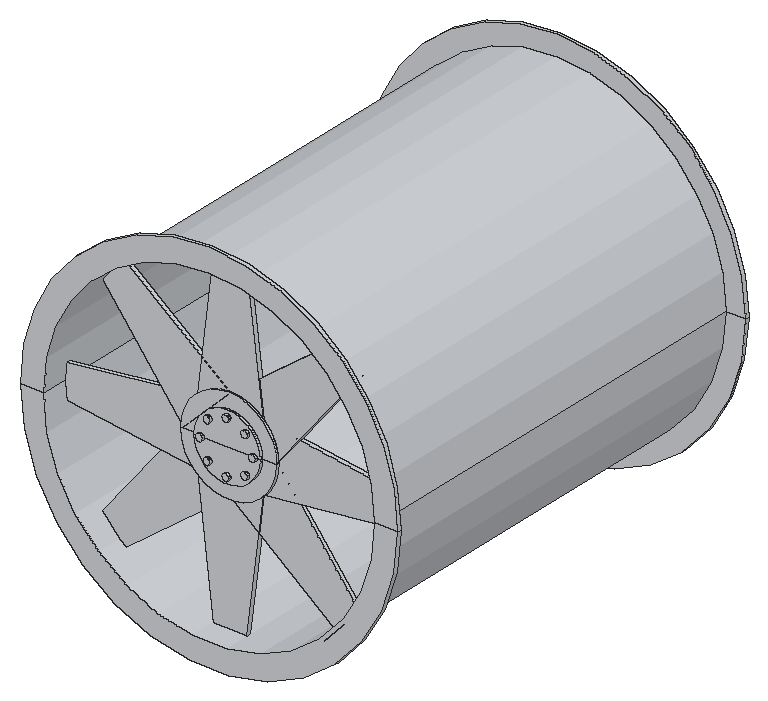
Revit family "CADS_Vent-Axia_MechEquip_Fan_BIFA_500_3Ph2P - EXTRACT", category Mechanical Equipment, Revit 2020
Family settings
  Round Connector Dimension = Use Diameter
  Part Type = Normal
  OmniClass Number = 23.75.00.00
  OmniClass Title = Climate Control (HVAC)
  Work Plane-Based = No
  Always vertical = Yes
  Cut with Voids When Loaded = No
  Shared = No
  Room Calculation Point = No
Parameters (values of type "BIFA503240")
  WorkingPressure = 0.0 Pa
  WarrantyStartDate [instance] = "1900-12-31T23:59:59"
  WarrantyPeriod = ""
  WarrantyIdentifier = "N/A"
  WarrantyGuarantorParts = "tech@vent-axia.com"
  WarrantyGuarantorLabor = "tech@vent-axia.com"
  WarrantyGuarantor = "Vent-Axia Limited"
  WarrantyEndDate [instance] = "1900-12-31T23:59:59"
  WarrantyContent = ""
  TemperatureRange = ""
  TagNumber [instance] = "N/A"
  SustainabilityPerformance = ""
  Status = "New"
  Size = ""
  Shape = ""
  ServiceLifeType = ""
  ServiceLifeDuration = ""
  SerialNumber [instance] = "N/A"
  ReplacementCost = ""
  RatedVoltage = 0 V
  RatedCurrent = 0 A
  Quantity = 1
  ProductionYear = ""
  PressureCurve = ""
  PowerFactor = ""
  PointOfContact = ""
  NumberOfPoles = 0
  NominalWidth = 500 mm
  NominalLength = 660 mm
  NominalHeight = 500 mm
  NominalFrequencyRange = ""
  NominalDiameter = 500 mm
  ModelReference = "BIF 500MM 3PH 2P 40DEG"
  ModelNumber = "BIFA503240"
  Material = ""
  ManufacturerE-Mail = "tech@vent-axia.com"
  ManufacturerAddress = "Fleming Way\nCrawley \nRH10 9YX"
  IsExtendedWarranty = no
  InsulationStandardClass = ""
  InstallationDate [instance] = "1900-12-31T23:59:59"
  IfcExportType [instance] = ""
  IfcExportAs = "IfcFanType"
  IP_Code = ""
  HasProtectiveEarth = no
  GrossWeight = 0.00 kg
  Grade = ""
  GlobalTradeItemNumber [instance] = "N/A"
  Fitting Type = "Ignore"
  Finish = ""
  Features = ""
  ExteriorInsulation = no
  ExpectedServiceLife = 0
  Exclusions = ""
  DurationUnit = "Year"
  Default Elevation = 0 mm
  Constituents = ""
  ConductorFunction = ""
  Color = ""
  CodePerformance = ""
  Category = ""
  CADS_Usage = 0
  CADS_Index = 0
  AssetType = "FIXED"
  AssetIdentifier [instance] = "N/A"
  AssemblyPlace = "UNKNOWN"
  ArticleNumber [instance] = "N/A"
  AirflowRateRange = 0.0 L/s
  Air Flow [instance] = 0.0 L/s
  AccessibilityPerformance = ""
Types (15, lengths in mm): name | ModelReference | ModelNumber
  BIFA503210 | "BIF 500MM 3PH 2P 10DEG" | "BIFA503210"
  BIFA503212 | "BIF 500MM 3PH 2P 12DEG" | "BIFA503212"
  BIFA503214 | "BIF 500MM 3PH 2P 14DEG" | "BIFA503214"
  BIFA503218 | "BIF 500MM 3PH 2P 18DEG" | "BIFA503218"
  BIFA503220 | "BIF 500MM 3PH 2P 20DEG" | "BIFA503220"
  BIFA503222 | "BIF 500MM 3PH 2P 22DEG" | "BIFA503222"
  BIFA503224 | "BIF 500MM 3PH 2P 24DEG" | "BIFA503224"
  BIFA503226 | "BIF 500MM 3PH 2P 26DEG" | "BIFA503226"
  BIFA503228 | "BIF 500MM 3PH 2P 28DEG" | "BIFA503228"
  BIFA503230 | "BIF 500MM 3PH 2P 30DEG" | "BIFA503230"
  BIFA503232 | "BIF 500MM 3PH 2P 32DEG" | "BIFA503232"
  BIFA503234 | "BIF 500MM 3PH 2P 34DEG" | "BIFA503234"
  BIFA503236 | "BIF 500MM 3PH 2P 36DEG" | "BIFA503236"
  BIFA503238 | "BIF 500MM 3PH 2P 38DEG" | "BIFA503238"
  BIFA503240 | "BIF 500MM 3PH 2P 40DEG" | "BIFA503240"
Reference planes
  plane 1 "Center (Front/Back)": y = 0
  plane 2: z = 0
  plane 3 "Center (Left/Right)": x = 0
  plane 4: x = -250
  plane 5: x = 250
  plane 6 "F": y = -330
  plane 7 "B": y = 330
  plane 8: x = -285
  plane 9: y = 325
  plane 10: y = -325
  plane 11: x = -255
  plane 12: y = -290
Forms (mm)
  Revolve 1, solid
    sketch origin (0, 0, 0) x (1, 0, 0) y (0, 1, 0)
      loop
        line (-285, -330) -> (-250, -330) -> (-250, 330) -> (-285, 330) -> (-285, 325) -> (-255, 325) -> (-255, -325) -> (-285, -325) -> (-285, -330)
      axis (0, 330) -> (0, -330)
    angle from 0 to 360
Dimensions and locks
  equal spacing: plane 4, plane 3 "Center (Left/Right)", plane 5
  equal spacing: plane 7 "B", plane 1 "Center (Front/Back)", plane 6 "F"
  "NominalLength": plane 7 "B" to plane 6 "F"
  "NominalDiameter": plane 4 to plane 5
  locked: plane 11 to plane 4 at 5
  locked: plane 8 to plane 11 at 30
  locked: plane 6 "F" to plane 10 at 5
  locked: plane 7 "B" to plane 9 at 5
  locked: plane 6 "F" to plane 12 at 40
  aligned and locked: level to plane 2
  aligned and locked: nested 1 to plane 12
Automatic sketch dimensions
  plane 6 "F" to Revolve 1 sketch curve = 0 mm
  Revolve 1 sketch curve to plane 8 = 0 mm  (x2)
  plane 10 to Revolve 1 sketch curve = 0 mm
  Revolve 1 sketch curve to plane 11 = 0 mm
  Revolve 1 sketch curve to plane 4 = 0 mm
  Revolve 1 sketch curve to plane 3 "Center (Left/Right)" = 0 mm
  plane 1 "Center (Front/Back)" to Revolve 1 sketch curve = 0 mm
  Revolve 1 sketch curve to plane 9 = 0 mm
  Revolve 1 sketch curve to plane 7 "B" = 0 mm
  plane 6 "F" to Revolve 1 sketch curve = 115 mm
Nested families
  nested 1: "Fan for BIFA" at (0, -290, 0), ND <- "NominalDiameter", type "Fan for BIFA"
    with hub 50 mm, ND 500 mm, BoltPCD 40 mm, Bolt Count 8, B_Diam 10 mm
  nested 2: "Bolts" at (0, -299.172, -40) x (-1, 0, 0) z (0, 1, 0), type "Bolts"
    with bd 10 mm
  nested 3: "Bolts" at (-28.284, -299.172, -28.284) x (-0.7071, 0, 0.7071) z (0, 1, 0), type "Bolts"
    with bd 10 mm
  nested 4: "Bolts" at (-40, -299.172, 0) x (0, 0, 1) z (0, 1, 0), type "Bolts"
    with bd 10 mm
  nested 5: "Bolts" at (-28.284, -299.172, 28.284) x (0.7071, 0, 0.7071) z (0, 1, 0), type "Bolts"
    with bd 10 mm
  nested 6: "Bolts" at (28.284, -299.172, 28.284) x (0.7071, 0, -0.7071) z (0, 1, 0), type "Bolts"
    with bd 10 mm
  nested 7: "Bolts" at (0, -299.172, 40) x (1, 0, 0) z (0, 1, 0), type "Bolts"
    with bd 10 mm
  nested 8: "BIFA Blade" at (0, -290, 0), type "BIFA Blade"
    with a 20.00°, HR 50 mm, HD 100 mm, BT 50 mm, BR 200 mm, BH 40 mm, BD 500 mm, BB 100 mm
  nested 9: "BIFA Blade" at (0, -290, 0) x (0.7071, 0, -0.7071) z (0.7071, 0, 0.7071), type "BIFA Blade"
    with a 20.00°, HR 50 mm, HD 100 mm, BT 50 mm, BR 200 mm, BH 40 mm, BD 500 mm, BB 100 mm
  nested 10: "BIFA Blade" at (0, -290, 0) x (0, 0, -1) z (1, 0, 0), type "BIFA Blade"
    with a 20.00°, HR 50 mm, HD 100 mm, BT 50 mm, BR 200 mm, BH 40 mm, BD 500 mm, BB 100 mm
  nested 11: "BIFA Blade" at (0, -290, 0) x (-0.7071, 0, -0.7071) z (0.7071, 0, -0.7071), type "BIFA Blade"
    with a 20.00°, HR 50 mm, HD 100 mm, BT 50 mm, BR 200 mm, BH 40 mm, BD 500 mm, BB 100 mm
  nested 12: "BIFA Blade" at (0, -290, 0) x (-1, 0, 0) z (0, 0, -1), type "BIFA Blade"
    with a 20.00°, HR 50 mm, HD 100 mm, BT 50 mm, BR 200 mm, BH 40 mm, BD 500 mm, BB 100 mm
  nested 13: "BIFA Blade" at (0, -290, 0) x (-0.7071, 0, -0.7071) z (-0.7071, 0, 0.7071), type "BIFA Blade"
    with a 20.00°, HR 50 mm, HD 100 mm, BT 50 mm, BR 200 mm, BH 40 mm, BD 500 mm, BB 100 mm
  nested 14: "BIFA Blade" at (0, -290, 0) x (0, 0, -1) z (-1, 0, 0), type "BIFA Blade"
    with a 20.00°, HR 50 mm, HD 100 mm, BT 50 mm, BR 200 mm, BH 40 mm, BD 500 mm, BB 100 mm
  nested 15: "BIFA Blade" at (0, -290, 0) x (0.7071, 0, -0.7071) z (-0.7071, 0, -0.7071), type "BIFA Blade"
    with a 20.00°, HR 50 mm, HD 100 mm, BT 50 mm, BR 200 mm, BH 40 mm, BD 500 mm, BB 100 mm
  nested 16: "Bolts" at (40, -299.172, 0) x (0, 0, -1) z (0, 1, 0), type "Bolts"
    with bd 10 mm
  nested 17: "Bolts" at (28.284, -299.172, -28.284) x (-0.7071, 0, -0.7071) z (0, 1, 0), type "Bolts"
    with bd 10 mm
Connectors
  hvac at (0, -330, 0), driven by "NominalDiameter", driven by "Air Flow"
    settings: on Revolve 1, index 1, duct flow 0.0 L/s, flow factor 0, pres drop 0.0 Pa, loss coef 0, conn angle 0.00°, conn width 304.8 mm, conn height 304.8 mm, conn diameter 500 mm, duct sys type 2, conn prof type 0, flow config 0, flow direction 1, loss method 0, conn ref index -1, conn util no, is conn primary yes, conn desc ""
  hvac at (0, 330, 0), driven by "NominalDiameter", driven by "Air Flow"
    settings: on Revolve 1, index 2, duct flow 0.0 L/s, flow factor 0, pres drop 0.0 Pa, loss coef 0, conn angle 0.00°, conn width 304.8 mm, conn height 304.8 mm, conn diameter 500 mm, duct sys type 3, conn prof type 0, flow config 1, flow direction 2, loss method 0, conn ref index -1, conn util no, is conn primary no, conn desc ""
Definition of nested family "Fan for BIFA"
  Parameters (values of type "Fan for BIFA")
    hub [instance] = ND / 10  # 50 mm
    ND [instance] = 500 mm
    Model = "."
    Default Elevation = 0 mm
    BoltPCD [instance] = hub - (hub * 0.2)  # 40 mm
    Bolt Count [instance] = if(hub < 50 mm, 6, 8)  # 8
    B_Diam [instance] = if(hub < 50 mm, 5 mm, 10 mm)  # 10 mm
  Reference planes
    plane 1 "Center (Front/Back)": y = 0
    plane 2: z = 0
    plane 3 "Center (Left/Right)": x = 0
    plane 4 "back": y = 20
    plane 5 "bolts": y = -9.172
    plane 6 "B": z = 50
    plane 7: x = -72.587
    plane 8: x = -50
    plane 9 "hubface": y = -6.172
  Forms (mm)
    Revolve 1, solid
      sketch origin (0, 0, 0) x (1, 0, 0) y (0, 1, 0)
        loop
          line (0, 20) -> (-50, 20) -> (-50, 10.504) -> (-72.587, 10.504) -> (-72.587, -2.597) -> (-50, -2.597) -> (-50, -6.172) -> (0, -6.172) -> (0, 20)
        axis (0, 20) -> (0, -6.172)
      angle from 0 to 360
    Extrusion 2, solid, not visible
      sketch origin (0, -6.347, -4) x (-1, 0, 0) y (0, 0, 1)
        loop
          circle (0, 84) r 5
      from 0 to 3
  Lines and regions (mm)
    symbolic lines
      curve 1: circle (0, -9.172, 0) r 40 normal (0, 1, 0)
    model lines, not visible
      curve 2: line (0, -6.347, 85) -> (0, -6.347, 75)
  Dimensions and locks
    "hub": plane 6 "B" to plane 2
    "hub": nested 3 to plane 3 "Center (Left/Right)"
    "hub": nested 4 to plane 3 "Center (Left/Right)"
    "hub": nested 5 to plane 3 "Center (Left/Right)"
    "hub": plane 3 "Center (Left/Right)" to nested 6
    "hub": Revolve 1 sketch curve to Revolve 1 sketch curve
    "hub": plane 3 "Center (Left/Right)" to nested 7
    "hub": plane 3 "Center (Left/Right)" to nested 8
    "hub": plane 3 "Center (Left/Right)" to nested 9
    "hub": plane 8 to plane 3 "Center (Left/Right)"
    plane 7 to plane 8 = 22.587 mm
    diameter of Extrusion 2 sketch curve = 10 mm
    "BoltPCD": radius of curve 1
    "BoltPCD": radius of radial array
    aligned and locked: level to plane 2
    aligned and locked: plane 6 "B" to nested 1
  Automatic sketch dimensions
    Revolve 1 sketch curve to plane 7 = 0 mm
    Revolve 1 sketch curve to plane 8 = 0 mm  (x2)
    Revolve 1 sketch curve to plane 3 "Center (Left/Right)" = 0 mm
    Revolve 1 sketch curve to plane 9 "hubface" = 0 mm
    plane 4 "back" to Revolve 1 sketch curve = 0 mm
    plane 1 "Center (Front/Back)" to Revolve 1 sketch curve = 2.597 mm
    plane 4 "back" to Revolve 1 sketch curve = 9.496 mm
    plane 4 "back" to Revolve 1 sketch curve = 5 mm
    Revolve 1 sketch curve to Revolve 1 sketch curve = 45 mm
    curve 1 to level = 0 mm
    curve 1 to plane 3 "Center (Left/Right)" = 0 mm
  Nested families
    nested 1: "BIFA Blade" at (0, 0, 25), BD <- "ND", HD <- "hub", type "BIFA Blade"
      with a 20.00°, HR 25 mm, HD 50 mm, BT 25 mm, BR 100 mm, BH 40 mm, BD 250 mm, BB 50 mm
    nested 2: "BIFA Blade" at (0, 0, 55), BD <- "ND", HD <- "hub", type "BIFA Blade", not visible
      with a 20.00°, HR 25 mm, HD 50 mm, BT 25 mm, BR 100 mm, BH 40 mm, BD 250 mm, BB 50 mm
    nested 3: "BIFA Blade" at (17.678, 0, 17.678) x (0.7071, 0, -0.7071) z (0.7071, 0, 0.7071), BD <- "ND", HD <- "hub", type "BIFA Blade"
      with a 20.00°, HR 25 mm, HD 50 mm, BT 25 mm, BR 100 mm, BH 40 mm, BD 250 mm, BB 50 mm
    nested 4: "BIFA Blade" at (25, 0, 0) x (0, 0, -1) z (1, 0, 0), BD <- "ND", HD <- "hub", type "BIFA Blade"
      with a 20.00°, HR 25 mm, HD 50 mm, BT 25 mm, BR 100 mm, BH 40 mm, BD 250 mm, BB 50 mm
    nested 5: "BIFA Blade" at (17.678, 0, -17.678) x (-0.7071, 0, -0.7071) z (0.7071, 0, -0.7071), BD <- "ND", HD <- "hub", type "BIFA Blade"
      with a 20.00°, HR 25 mm, HD 50 mm, BT 25 mm, BR 100 mm, BH 40 mm, BD 250 mm, BB 50 mm
    nested 6: "BIFA Blade" at (0, 0, -25) x (-1, 0, 0) z (0, 0, -1), BD <- "ND", HD <- "hub", type "BIFA Blade"
      with a 20.00°, HR 25 mm, HD 50 mm, BT 25 mm, BR 100 mm, BH 40 mm, BD 250 mm, BB 50 mm
    nested 7: "BIFA Blade" at (-17.678, 0, 17.678) x (-0.7071, 0, -0.7071) z (-0.7071, 0, 0.7071), BD <- "ND", HD <- "hub", type "BIFA Blade"
      with a 20.00°, HR 25 mm, HD 50 mm, BT 25 mm, BR 100 mm, BH 40 mm, BD 250 mm, BB 50 mm
    nested 8: "BIFA Blade" at (-25, 0, 0) x (0, 0, -1) z (-1, 0, 0), BD <- "ND", HD <- "hub", type "BIFA Blade"
      with a 20.00°, HR 25 mm, HD 50 mm, BT 25 mm, BR 100 mm, BH 40 mm, BD 250 mm, BB 50 mm
    nested 9: "BIFA Blade" at (-17.678, 0, -17.678) x (0.7071, 0, -0.7071) z (-0.7071, 0, -0.7071), BD <- "ND", HD <- "hub", type "BIFA Blade"
      with a 20.00°, HR 25 mm, HD 50 mm, BT 25 mm, BR 100 mm, BH 40 mm, BD 250 mm, BB 50 mm
    nested 10: "Bolts" at (0, -9.172, 40) x (1, 0, 0) z (0, 1, 0), bd <- "B_Diam", type "Bolts"
      with bd 10 mm
    nested 11: "Bolts" at (28.284, -9.172, 28.284) x (0.7071, 0, -0.7071) z (0, 1, 0), bd <- "B_Diam", type "Bolts"
      with bd 10 mm
    nested 12: "Bolts" at (-28.284, -9.172, 28.284) x (0.7071, 0, 0.7071) z (0, 1, 0), bd <- "B_Diam", type "Bolts"
      with bd 10 mm
    nested 13: "Bolts" at (-40, -9.172, 0) x (0, 0, 1) z (0, 1, 0), bd <- "B_Diam", type "Bolts"
      with bd 10 mm
    nested 14: "Bolts" at (-28.284, -9.172, -28.284) x (-0.7071, 0, 0.7071) z (0, 1, 0), bd <- "B_Diam", type "Bolts"
      with bd 10 mm
    nested 15: "Bolts" at (0, -9.172, -40) x (-1, 0, 0) z (0, 1, 0), bd <- "B_Diam", type "Bolts"
      with bd 10 mm
    nested 16: "Bolts" at (28.284, -9.172, -28.284) x (-0.7071, 0, -0.7071) z (0, 1, 0), bd <- "B_Diam", type "Bolts"
      with bd 10 mm
    nested 17: "Bolts" at (40, -9.172, 0) x (0, 0, -1) z (0, 1, 0), bd <- "B_Diam", type "Bolts"
      with bd 10 mm
  Definition of nested family "BIFA Blade"
    Parameters (values of type "BIFA Blade")
      a [instance] = 20.00°
      HR [instance] = HD / 2  # 30 mm
      HD [instance] = BD / 5  # 60 mm
      Default Elevation = 1219.2 mm
      BT [instance] = BD / 10  # 30 mm
      BR [instance] = (BD / 2) - HR  # 120 mm
      BH [instance] = 40 mm
      BD [instance] = 300 mm
      BB [instance] = BD / 5  # 60 mm
    Reference planes
      plane 1 "Center (Front/Back)": y = 0
      plane 2: z = 0
      plane 3 "Center (Left/Right)": x = 0
      plane 4 "Blade Bot": z = 30
      plane 5: x = -30
      plane 6: x = 30
      plane 7: x = -15
      plane 8: x = 15
    Forms (mm)
      Blend 1, solid
        base sketch origin (0, 0, 30) x (-1, 0, 0) y (0, -1, 0)
          loop
            line (30, 0) -> (-30, 0) -> (-30, -6) -> (30, -6) -> (30, 0)
        top sketch origin (0, 0, 30) x (-1, 0, 0) y (0, -1, 0)
          loop
            line (15, -6) -> (15, 0) -> (-15, 0) -> (-15, -6) -> (15, -6)
        from 0 to 120 <- "BR"
    Dimensions and locks
      "HR": plane 4 "Blade Bot" to level
      equal spacing: plane 8, plane 3 "Center (Left/Right)", plane 7
      "BT": plane 8 to plane 7
      equal spacing: plane 6, plane 3 "Center (Left/Right)", plane 5
      "BB": plane 6 to plane 5
      aligned and locked: level to plane 2
    Automatic sketch dimensions
      plane 1 "Center (Front/Back)" to Blend 1 sketch curve = 0 mm  (x2)
      Blend 1 sketch curve to plane 6 = 0 mm
      Blend 1 sketch curve to plane 5 = 0 mm
      Blend 1 sketch curve to plane 1 "Center (Front/Back)" = 6 mm  (x2)
      Blend 1 sketch curve to plane 8 = 0 mm
      Blend 1 sketch curve to plane 7 = 0 mm
  Definition of nested family "Bolts"
    Parameters
      bd [instance] = 10 mm
      Default Elevation = 1219.2 mm
    Reference planes
      plane 1 "Center (Front/Back)": y = 0
      plane 2: z = 0
      plane 3 "Center (Left/Right)": x = 0
    Forms (mm)
      Extrusion 1, solid
        sketch origin (0, 0, 0) x (1, 0, 0) y (0, 1, 0)
          loop
            line (-1219.2, 1219.2) -> (-1219.2, -1219.2) -> (1219.2, -1219.2) -> (1219.2, 1219.2) -> (-1219.2, 1219.2)
        from 0 to -304.8
      Extrusion 2, solid
        sketch origin (0, 0, 0) x (1, 0, 0) y (0, 1, 0)
          loop
            circle (0, 0) r 5
        from 0 to 3
    Dimensions and locks
      "bd": diameter of Extrusion 2 sketch curve
      aligned and locked: plane 2 to Extrusion 1
      aligned and locked: level to Extrusion 1
    Automatic sketch dimensions
      Extrusion 1 sketch curve to Extrusion 1 sketch curve = 2438.4 mm  (x2)
      plane 1 "Center (Front/Back)" to Extrusion 2 sketch curve = 0 mm
      Extrusion 2 sketch curve to plane 3 "Center (Left/Right)" = 0 mm
Definition of nested family "Bolts"
  Parameters
    bd [instance] = 10 mm
    Default Elevation = 1219.2 mm
  Reference planes
    plane 1 "Center (Front/Back)": y = 0
    plane 2: z = 0
    plane 3 "Center (Left/Right)": x = 0
  Forms (mm)
    Extrusion 1, solid
      sketch origin (0, 0, 0) x (1, 0, 0) y (0, 1, 0)
        loop
          line (-1219.2, 1219.2) -> (-1219.2, -1219.2) -> (1219.2, -1219.2) -> (1219.2, 1219.2) -> (-1219.2, 1219.2)
      from 0 to -304.8
    Extrusion 2, solid
      sketch origin (0, 0, 0) x (1, 0, 0) y (0, 1, 0)
        loop
          circle (0, 0) r 5
      from 0 to 3
  Dimensions and locks
    "bd": diameter of Extrusion 2 sketch curve
    aligned and locked: plane 2 to Extrusion 1
    aligned and locked: level to Extrusion 1
  Automatic sketch dimensions
    Extrusion 1 sketch curve to Extrusion 1 sketch curve = 2438.4 mm  (x2)
    plane 1 "Center (Front/Back)" to Extrusion 2 sketch curve = 0 mm
    Extrusion 2 sketch curve to plane 3 "Center (Left/Right)" = 0 mm
Definition of nested family "BIFA Blade"
  Parameters (values of type "BIFA Blade")
    a [instance] = 20.00°
    HR [instance] = HD / 2  # 30 mm
    HD [instance] = BD / 5  # 60 mm
    Default Elevation = 1219.2 mm
    BT [instance] = BD / 10  # 30 mm
    BR [instance] = (BD / 2) - HR  # 120 mm
    BH [instance] = 40 mm
    BD [instance] = 300 mm
    BB [instance] = BD / 5  # 60 mm
  Reference planes
    plane 1 "Center (Front/Back)": y = 0
    plane 2: z = 0
    plane 3 "Center (Left/Right)": x = 0
    plane 4 "Blade Bot": z = 30
    plane 5: x = -30
    plane 6: x = 30
    plane 7: x = -15
    plane 8: x = 15
  Forms (mm)
    Blend 1, solid
      base sketch origin (0, 0, 30) x (-1, 0, 0) y (0, -1, 0)
        loop
          line (30, 0) -> (-30, 0) -> (-30, -6) -> (30, -6) -> (30, 0)
      top sketch origin (0, 0, 30) x (-1, 0, 0) y (0, -1, 0)
        loop
          line (15, -6) -> (15, 0) -> (-15, 0) -> (-15, -6) -> (15, -6)
      from 0 to 120 <- "BR"
  Dimensions and locks
    "HR": plane 4 "Blade Bot" to level
    equal spacing: plane 8, plane 3 "Center (Left/Right)", plane 7
    "BT": plane 8 to plane 7
    equal spacing: plane 6, plane 3 "Center (Left/Right)", plane 5
    "BB": plane 6 to plane 5
    aligned and locked: level to plane 2
  Automatic sketch dimensions
    plane 1 "Center (Front/Back)" to Blend 1 sketch curve = 0 mm  (x2)
    Blend 1 sketch curve to plane 6 = 0 mm
    Blend 1 sketch curve to plane 5 = 0 mm
    Blend 1 sketch curve to plane 1 "Center (Front/Back)" = 6 mm  (x2)
    Blend 1 sketch curve to plane 8 = 0 mm
    Blend 1 sketch curve to plane 7 = 0 mm
